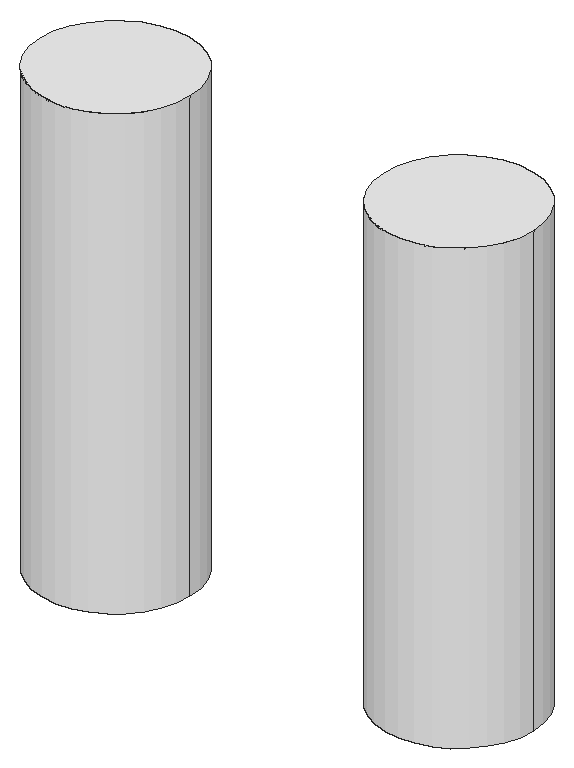
Revit family "514822930006(2022)", category Plumbing Fixtures, Revit 2020
Family settings
  Round Connector Dimension = Use Diameter
  Part Type = Normal
  OmniClass Number = 23.45.55.00
  OmniClass Title = Sanitary Faucets, Wastes
  Work Plane-Based = No
  Always vertical = Yes
  Cut with Voids When Loaded = No
  Shared = No
  Room Calculation Point = No
Parameters (values of type "5148229300066 Kitchen faucet")
  Working Pressure = "50 - 1000 kPa"
  WarrantyStartDate [instance] = "n/a"
  WarrantyGuarantorParts = "n/a"
  WarrantyGuarantorLabor = "n/a"
  WarrantyDurationUnit = "Year"
  WarrantyDurationParts = "n/a"
  WarrantyDurationLabor = "n/a"
  WarrantyDescription = "http://warranty.hansa.com"
  Warranty Information URL = "http://warranty.hansa.com"
  VersionDate = "01/06/2023"
  Version = "1"
  ValvePattern = "n/a"
  ValveOperation = "n/a"
  ValveMechanism = "n/a"
  Uniclass2015Reference = "Pr_40_20_87_96"
  Uniclass2015Description = "Washbasin manual water supply sets"
  Uniclass2 = "Pr_40_30_96_96"
  URL UWL = "http://static.hansa.com/UWL/5148229300066"
  URL REACH = "http://static.hansa.com/doc/reach"
  URL Materials Declaration = "http://www.hansa.com/fileadmin/resources/166359_5148229300066_materialsdeclaration.pdf"
  URL Environmental Product Declaration EPD = "http://www.hansa.com/fileadmin/resources/184519_EPD_Kitchen faucet.pdf"
  URL EcoLabel Declaration = "http://static.hansa.com/doc/EcoLabel"
  URL EU Packaging Declaration = "http://static.hansa.com/doc/packaging"
  URL Declaration of SCIP = "http://static.hansa.com/doc/SCIP"
  URL Declaration of Conformity = "http://static.hansa.com/DoC/5148229300066"
  URL Declaration of Asbestos = "http://static.hansa.com/doc/asbestos"
  URL Declaration Of Performance (DOP) = "http://static.hansa.com/doc/DoP"
  URL = ""
  UNSPSC Class Number = "30181700 Faucets or taps"
  TestPressure = "n/a"
  Temperature Adjustments = "Limitation option for maximum temperature and flow-rate ;Adjustable hot water stop (included, retrofittable);Energy saving variation - cold water in the middle position"
  Temperature = "Temperature limiter"
  Technical DataSheet URL = "http://www.hansa.com/datasheet/5148229300066/en"
  TagNumber [instance] = "n/a"
  SustainabilityPerformance = "n/a"
  Surface treatment = "Chrome"
  Spout Type = "Swivel spout;Swivel range limiting option"
  Spout Swivel Range = "120° (80° / 40°)"
  Spout Projection = "215 mm"
  Spare-Part Information URL = "http://static.hansa.com/sp/5148229300066"
  Size = "51x255x168 mm"
  Shape = "Sculptured"
  SerialNumber [instance] = "n/a"
  Sales Package dimensions (LxWxH) = "362 x 278 x 63"
  Revision = "n/a"
  ReplacementCost = "n/a"
  ProductInformation = "Kitchen faucet with swivel spout and aerator"
  Product URL = "http://static.hansa.com/5148229300066"
  Product Image URL = "http://static.hansa.com/image/5148229300066"
  Product Family = "HANSAPOLO Eco"
  Product Code = "5148229300066"
  OperatingMechanismMaterial = "n/a"
  NominalWidth = 51 mm
  NominalHeight = 168 mm
  NominalDepth = 255 mm
  Noise Class = "I (ISO 3822)"
  Name_en = "5148229300066 Kitchen faucet"
  Name = "5148229300066 Kitchen faucet"
  NBSReference = "45-35-70/371"
  NBSDescription = "Water supply fittings for wash basins and troughs"
  Mounting Holes = "1 hole"
  ModelReference = "5148229300066"
  ModelNumber = "n/a"
  Model = "5148229300066 Kitchen faucet"
  Mobile Product Information URL = "http://mpi.hansa.com/5148229300066"
  Mechanical Parts = "ø 35 mm ceramic eco cartridge for flow and temperature control"
  Max. Hot Water Supply = 70 °C
  Material = "Brass"
  Market = "International;Germany;Austria;Belgium;Netherlands;Czech Republic;Slovakia;Italy"
  ManufacturerURL = "http://www.hansa.com"
  ManufacturerName = "HANSA"
  Manufacturer = "HANSA"
  Lever Handle = "Single operating lever/handle;Hot/Cold symbols"
  Interactive AR View URL = "https://static.hansa.com/AR/5148229300066"
  InstallationDate [instance] = "n/a"
  Installation and Maintenance Guide URL = "http://static.hansa.com/manual/5148229300066"
  Installation Type = "Deck mounted"
  InletConnectionSize = 10 mm
  IfcExportType = "FAUCET"  # constant formula
  IfcExportAs = "IfcValveType"  # constant formula
  Group = "Kitchen faucet"
  Grade = "n/a"
  FlowCoefficient = 0
  Flow Rate At 300kPa With Flow Controller = 0.01 L/s
  Flow Rate At 300kPa = 0.01 L/s
  Flow Drawing URL = "http://static.hansa.com/flowchart/5148229300066"
  Finish = "Polished"
  Features = "Single-lever;"
  FaucetMainMaterial = Brass
  FDV Document URL = "http://www.hansa.com/datasheet/5148229300066/en/fdv"
  ExpectedLife = "n/a"
  Eco Flow At 300kPa = 0.66 L/s
  ETIM Class Number = "EC011431 Kitchen mixing tap"
  EN Standard = "EN 817"
  EAN Number = "4057304018428"
  DurationUnit = "Year"
  Dimension Drawing URL = "http://static.hansa.com/dimdrw/5148229300066"
  Description = "Kitchen faucet with swivel spout and aerator"
  DefaultElevation [instance] = 900 mm
  Default Elevation = 0 mm
  Constituents = "Single lever, swivel spout, aerator, temperature limiter"
  Connection Size = "G3/8"
  Connection = "Flexible inlet pipes"
  Color = "Chrome"
  CodePerformance = "n/a"
  CloseOffRating = 0
  Catalog Drawing URL = "http://static.hansa.com/catdrw/5148229300066"
  CO2 Emissions (D) = -6.16
  CO2 Emissions (C4) = 0.33
  CO2 Emissions (C3) = 0.02
  CO2 Emissions (C2) = 0.02
  CO2 Emissions (B7) = 1560.24
  CO2 Emissions (A4) = 0.22
  CO2 Emissions (A1-A3) = 10.89
  Brand = "HANSA"
  BodyMaterial = "Brass"
  Barcode [instance] = "n/a"
  Backflow Prevention EN1717 = "AA"
  BIMObjectName = "5148229300066(2022)"
  Author = "BIMStone"
  AssetType = "Fixed"
  AssetIdentifier [instance] = "n/a"
  Aerator = "Standard aerator"
  Advanced Features = "Inner body made of DZR brass"
  AccessibilityPerformance = "n/a"
  3D View = "https://static.hansa.com/AR/5148229300066"
  2D/3D/BIM Files URL = "http://static.hansa.com/bim/5148229300066"
Reference planes
  plane 1 "Center (Front/Back)": y = 0
  plane 2: z = 0
  plane 3 "Center (Left/Right)": x = 0
  plane 4: x = -25.5
  plane 5: z = 1068
  plane 6: z = 900
  plane 7: z = 870
  plane 8: y = -255
  plane 9: x = 25.5
Forms (mm)
  Extrusion 1, solid, material "Brass" <- "FaucetMainMaterial"
    sketch origin (0, 0, 0) x (1, 0, 0) y (0, 1, 0)
      loop
        circle (-11.5, -22.5) r 5
      loop
        circle (11.5, -22.5) r 5
    from 870 to 900
Dimensions and locks
  "NominalHeight": plane 5 to plane 6
  "DefaultElevation": plane 6 to level
  locked: plane 6 to plane 7 at 30
  "NominalDepth": plane 8 to plane 1 "Center (Front/Back)"
  equal spacing: plane 4, plane 3 "Center (Left/Right)", plane 9
  "NominalWidth": plane 4 to plane 9
  "InletConnectionSize": diameter of Extrusion 1 sketch curve  (x2)
  aligned and locked: level to plane 2
  aligned and locked: plane 6 to Extrusion 1
  aligned and locked: Extrusion 1 to plane 7
  aligned and locked: plane 3 "Center (Left/Right)" to nested 2
  aligned and locked: plane 1 "Center (Front/Back)" to nested 2
  aligned and locked: plane 6 to nested 2
Automatic sketch dimensions
  Extrusion 1 sketch curve to plane 3 "Center (Left/Right)" = 11.5 mm
  plane 3 "Center (Left/Right)" to Extrusion 1 sketch curve = 11.5 mm
  plane 1 "Center (Front/Back)" to Extrusion 1 sketch curve = 22.5 mm  (x2)
Nested families
  nested 1: "Symbol" at (0, 0, 0), type "Symbol", detail levels coarse
  nested 2: "514822930006(2022)_p" at (0, 0, 900), Material <- "FaucetMainMaterial", type "514822930006(2022)_p"
    with Material Brass
Connectors
  piping at (-11.5, -22.5, 870), diameter 10, driven by "InletConnectionSize"
    settings: on Extrusion 1, index 1, connector inside diameter 609.6 mm, connector length 0 mm, flow factor 0, pipe flow 0.0 L/s, pressure drop 0.0 Pa, fitting loss kfactor 0, connector angle 0.00°, fixture units 0, engagement length 0 mm, angle of deflection 0.00°, flow configuration 1, flow direction 1, fitting loss method 0, system type 19, joint type 0, gender type 0, connector reference index -1, connector utility 0, adjustable connector no, is connector primary yes, connector description ""
  piping at (11.5, -22.5, 870), diameter 10, driven by "InletConnectionSize"
    settings: on Extrusion 1, index 2, connector inside diameter 609.6 mm, connector length 0 mm, flow factor 0, pipe flow 0.0 L/s, pressure drop 0.0 Pa, fitting loss kfactor 0, connector angle 0.00°, fixture units 0, engagement length 0 mm, angle of deflection 0.00°, flow configuration 1, flow direction 1, fitting loss method 0, system type 20, joint type 0, gender type 0, connector reference index -1, connector utility 0, adjustable connector no, is connector primary no, connector description ""
Definition of nested family "Symbol"
  Reference planes
    plane 1: y = 0
    plane 2: x = 0
  Lines and regions (mm)
    detail lines
      curve 1: line (0, 0, 0) -> (0, -1.8, 0)
      curve 2: line (-0.4, -1.1, 0) -> (0.4, -1.1, 0)
      curve 3: line (-0.4, -1.4, 0) -> (0.4, -1.4, 0)
      curve 4: line (0.863, 0, 0) -> (-0.863, 0, 0)
      curve 5: circle (-1.163, 0, 0) r 0.3 normal (0, 0, -1)
      curve 6: circle (1.163, 0, 0) r 0.3 normal (0, 0, 1)
Definition of nested family "514822930006(2022)_p"
  Parameters (values of type "514822930006(2022)_p")
    Material [instance] = none
    Default Elevation = 0 mm
  Reference planes
    plane 1 "Center (Front/Back)": y = 0
    plane 2: z = 0
    plane 3 "Center (Left/Right)": x = 0
    plane 4: x = -25.5
    plane 5: z = 168
    plane 6: z = 0
    plane 7: y = -255
    plane 8: x = 25.5
  Forms (mm)
    Extrusion 1, solid, material <- "Material", detail levels medium
      sketch origin (0, 0, -900) x (0, 1, 0) y (0, 0, 1)
        loop
          line (0, 900) -> (0, 1058.08) -> (-61.322, 1065.36) -> (-111.697, 1068)
          arc (-111.697, 1068) -> (-112.791, 1067.626) -> (-113.167, 1066.532) r 1.316
          line (-113.167, 1066.532) -> (-112.909, 1064.448)
          arc (-112.909, 1064.448) -> (-111.629, 1061.855) -> (-109.013, 1060.622) r 4.388
          line (-109.013, 1060.622) -> (-51, 1054.525) -> (-51, 993.034)
          arc (-51, 993.034) -> (-52.761, 993.574) -> (-54.465, 994.275) r 19.937
          line (-54.465, 994.275) -> (-135.431, 1032.03)
          arc (-135.431, 1032.03) -> (-162.315, 1042.283) -> (-190.393, 1048.572) r 200
          line (-190.393, 1048.572) -> (-248.818, 1057.304)
          arc (-248.818, 1057.304) -> (-251.086, 1056.882) -> (-252.314, 1054.93) r 2.875
          line (-252.314, 1054.93) -> (-255, 1037.009) -> (-252.234, 1036.594) -> (-252.899, 1032.154) -> (-229.163, 1028.596) -> (-228.347, 1034.037) -> (-193.277, 1028.781)
          arc (-193.277, 1028.781) -> (-168.045, 1023.121) -> (-143.883, 1013.904) r 180
          line (-143.883, 1013.904) -> (-51, 970.592) -> (-51, 900) -> (0, 900)
      from 25.5 to -25.5
    Extrusion 2, solid, detail levels coarse
      sketch origin (0, 0, -900) x (1, 0, 0) y (0, 1, 0)
        loop
          line (-25.5, 0) -> (-25.5, -255) -> (25.5, -255) -> (25.5, 0) -> (-25.5, 0)
      from 900 to 1068
  Lines and regions (mm)
    symbolic lines, detail levels medium+fine
      curve 1: line (0, 0, 0) -> (0, -51, 0)
      curve 2: line (0, -51, 0) -> (0, -51, 47.5)
      curve 3: line (0, -50.702, 70.453) -> (0, -143.883, 113.904)
      curve 4: arc (0, -143.883, 113.904) -> (0, -168.045, 123.121) -> (0, -193.277, 128.781) r 180
      curve 5: line (0, -193.277, 128.781) -> (0, -225.171, 133.561)
      curve 6: line (0, -229.163, 128.596) -> (0, -228.497, 133.037)
      curve 7: line (0, -252.234, 136.594) -> (0, -252.899, 132.154)
      curve 8: line (0, -252.899, 132.154) -> (0, -229.163, 128.596)
      curve 10: line (0, -225.321, 132.561) -> (0, -225.171, 133.561)
      curve 11: line (0, -252.234, 136.594) -> (0, -255, 137.009)
      curve 12: line (0, -255, 137.009) -> (0, -252.314, 154.93)
      curve 13: arc (0, -252.314, 154.93) -> (0, -251.086, 156.882) -> (0, -248.818, 157.304) r 2.875
      curve 14: line (0, -248.818, 157.304) -> (0, -190.393, 148.572)
      curve 15: arc (0, -190.393, 148.572) -> (0, -162.315, 142.283) -> (0, -135.431, 132.03) r 200
      curve 16: line (0, -135.431, 132.03) -> (0, -54.465, 94.275)
      curve 17: arc (0, -54.465, 94.275) -> (0, -52.475, 93.474) -> (0, -50.41, 92.892) r 19.937
      curve 18: line (0, -50.007, 123.96) -> (0, -50.41, 92.892)
      curve 19: line (0, -50.702, 70.453) -> (0, -51, 47.5)
      curve 20: line (0, 0, 0) -> (0, 0, 47.5)
      curve 21: line (0, -0.993, 123.96) -> (0, 0, 47.5)
      curve 23: line (0, -228.497, 133.037) -> (0, -225.321, 132.561)
      curve 24: line (0, -0.993, 123.96) -> (0, -2.721, 123.96)
      curve 25: line (0, -49.846, 126.8) -> (0, -48.006, 126.8)
      curve 27: line (0, -48.304, 123.96) -> (0, -48.006, 126.8)
      curve 28: arc (0, -6.504, 135.604) -> (0, -3.769, 130.056) -> (0, -2.721, 123.96) r 21.584
      curve 29: line (0, -49.846, 126.8) -> (0, -48.267, 149.382)
      curve 30: arc (0, -48.267, 149.382) -> (0, -49.483, 153.016) -> (0, -52.912, 154.725) r 5.006
      curve 31: line (0, -52.912, 154.725) -> (0, -109.013, 160.622)
      curve 32: arc (0, -109.013, 160.622) -> (0, -111.629, 161.855) -> (0, -112.909, 164.448) r 4.388
      curve 33: line (0, -112.909, 164.448) -> (0, -113.167, 166.532)
      curve 34: arc (0, -113.167, 166.532) -> (0, -112.791, 167.626) -> (0, -111.697, 168) r 1.316
      curve 35: line (0, -111.697, 168) -> (0, -61.322, 165.36)
      curve 36: line (0, -61.322, 165.36) -> (0, -4.446, 158.607)
      curve 37: arc (0, -4.446, 158.607) -> (0, -3.316, 157.974) -> (0, -2.965, 156.728) r 1.691
      curve 38: line (0, -2.965, 156.728) -> (0, -1.647, 137.869)
      curve 39: line (0, -6.504, 135.604) -> (0, -1.647, 137.869)
      curve 41: line (0, -48.304, 123.96) -> (0, -50.007, 123.96)
      curve 43: line (25.5, 0, 0) -> (-25.5, 0, 0)
      curve 44: line (-25.5, 0, 0) -> (-25.5, 0, 47.56)
      curve 45: line (-25.5, 0, 47.56) -> (-24.495, 0, 123.96)
      curve 46: line (-24.362, 0, 126.797) -> (-22.506, 0, 126.797)
      curve 47: line (-24.495, 0, 123.96) -> (-22.754, 0, 123.96)
      curve 48: line (-24.362, 0, 126.797) -> (-21.794, 0, 158.814)
      curve 49: arc (-21.794, 0, 158.814) -> (-21.406, 0, 159.899) -> (-20.524, 0, 160.641) r 2.211
      curve 50: arc (-20.524, 0, 160.641) -> (-18.448, 0, 161.525) -> (-16.319, 0, 162.269) r 33.994
      curve 51: arc (-16.319, 0, 162.269) -> (-15.779, 0, 162.579) -> (-15.419, 0, 163.089) r 1.442
      curve 52: arc (-15.419, 0, 163.089) -> (-13.815, 0, 165.638) -> (-11.468, 0, 167.527) r 9.139
      curve 53: arc (-11.468, 0, 167.527) -> (-10.657, 0, 167.864) -> (-9.789, 0, 168) r 3.707
      curve 54: line (-9.789, 0, 168) -> (0, 0, 168)
      curve 55: line (-22.506, 0, 126.797) -> (-22.754, 0, 123.96)
      curve 59: line (25.5, 0, 0) -> (25.5, 0, 47.56)
      curve 60: line (25.5, 0, 47.56) -> (24.495, 0, 123.96)
      curve 61: line (24.362, 0, 126.797) -> (22.506, 0, 126.797)
      curve 62: line (24.495, 0, 123.96) -> (22.754, 0, 123.96)
      curve 63: line (24.362, 0, 126.797) -> (21.794, 0, 158.814)
      curve 64: arc (21.794, 0, 158.814) -> (21.406, 0, 159.899) -> (20.524, 0, 160.641) r 2.211
      curve 65: arc (20.524, 0, 160.641) -> (18.448, 0, 161.525) -> (16.319, 0, 162.269) r 33.994
      curve 66: arc (16.319, 0, 162.269) -> (15.779, 0, 162.579) -> (15.419, 0, 163.089) r 1.442
      curve 67: arc (15.419, 0, 163.089) -> (13.815, 0, 165.638) -> (11.468, 0, 167.527) r 9.139
      curve 68: arc (11.468, 0, 167.527) -> (10.657, 0, 167.864) -> (9.789, 0, 168) r 3.707
      curve 69: line (9.789, 0, 168) -> (0, 0, 168)
      curve 70: line (22.506, 0, 126.797) -> (22.754, 0, 123.96)
      curve 83: line (-15, -239.534, 0) -> (-15, -59.645, 0)
      curve 84: line (15, -239.534, 0) -> (15, -59.645, 0)
      curve 85: spline (-15, -239.534, 0) -> (-14.489, -243.537, 0) -> (-12.99, -247.267, 0) -> (-10.607, -250.47, 0) -> (-7.5, -252.928, 0) -> (-3.882, -254.473, 0) -> (0, -255, 0) -> (3.882, -254.473, 0) -> (7.5, -252.928, 0) -> (10.607, -250.47, 0) -> (12.99, -247.267, 0) -> (14.489, -243.537, 0) -> (15, -239.534, 0)
      curve 91: arc (-15.824, -46.935, 0) -> (-15.892, -46.144, 0) -> (-15.994, -45.357, 0) r 18.815
      curve 95: arc (15.832, -46.938, 0) -> (15.9, -46.152, 0) -> (16.001, -45.369, 0) r 18.811
      curve 96: line (-15, -59.645, 0) -> (-15.824, -46.935, 0)
      curve 97: line (15, -59.645, 0) -> (15.832, -46.938, 0)
      curve 98: arc (16.001, -45.369, 0) -> (0.021, -0.018, 0) -> (-15.994, -45.357, 0) r 25.494
    symbolic lines, detail levels fine
      curve 9: line (0, -252.234, 136.594) -> (0, -228.497, 133.037)
      curve 22: line (0, 0, 47.5) -> (0, -51, 47.5)
      curve 26: line (0, -25.383, 126.8) -> (0, -6.504, 135.604)
      curve 40: line (0, -48.006, 126.8) -> (0, -25.383, 126.8)
      curve 42: line (0, -2.721, 123.96) -> (0, -48.304, 123.96)
      curve 56: line (-15, 0, 70.474) -> (-15, 0, 154.085)
      curve 57: line (-22.506, 0, 126.797) -> (-15, 0, 126.797)
      curve 58: line (-22.754, 0, 123.96) -> (-15, 0, 123.96)
      curve 71: line (22.506, 0, 126.797) -> (15, 0, 126.797)
      curve 72: line (22.754, 0, 123.96) -> (15, 0, 123.96)
      curve 73: line (-25.5, 0, 47.56) -> (25.5, 0, 47.56)
      curve 74: spline (-15, 0, 154.085) -> (-14.489, 0, 154.949) -> (-12.99, 0, 155.755) -> (-10.607, 0, 156.447) -> (-7.5, 0, 156.978) -> (-3.882, 0, 157.312) -> (0, 0, 157.426) -> (3.882, 0, 157.312) -> (7.5, 0, 156.978) -> (10.607, 0, 156.447) -> (12.99, 0, 155.755) -> (14.489, 0, 154.949) -> (15, 0, 154.085)
      curve 75: arc (-13.012, 0, 68.978) -> (-14.379, 0, 69.231) -> (-15, 0, 70.474) r 1.557
      curve 76: arc (13.012, 0, 68.978) -> (14.379, 0, 69.231) -> (15, 0, 70.474) r 1.557
      curve 77: arc (-13.012, 0, 68.978) -> (0, 0, 70.816) -> (13.012, 0, 68.978) r 47.003
      curve 78: spline (11.961, 0, 130.3) -> (11.554, 0, 129.845) -> (10.359, 0, 129.421) -> (8.458, 0, 129.058) -> (5.981, 0, 128.778) -> (3.096, 0, 128.603) -> (0, 0, 128.543) -> (-3.096, 0, 128.603) -> (-5.981, 0, 128.778) -> (-8.458, 0, 129.058) -> (-10.359, 0, 129.421) -> (-11.554, 0, 129.845) -> (-11.961, 0, 130.3) -> (-11.554, 0, 130.754) -> (-10.359, 0, 131.178) -> (-8.458, 0, 131.542) -> (-5.981, 0, 131.821) -> (-3.096, 0, 131.997) -> (0, 0, 132.056) -> (3.096, 0, 131.997) -> (5.981, 0, 131.821) -> (8.458, 0, 131.542) -> (10.359, 0, 131.178) -> (11.554, 0, 130.754) -> (11.961, 0, 130.3)
      curve 79: spline (-11.961, 0, 134.779) -> (-11.554, 0, 135.234) -> (-10.359, 0, 135.658) -> (-8.458, 0, 136.021) -> (-5.981, 0, 136.301) -> (-3.096, 0, 136.476) -> (0, 0, 136.536) -> (3.096, 0, 136.476) -> (5.981, 0, 136.301) -> (8.458, 0, 136.021) -> (10.359, 0, 135.658) -> (11.554, 0, 135.234) -> (11.961, 0, 134.779)
      curve 80: line (-11.961, 0, 130.3) -> (-11.961, 0, 134.779)
      curve 81: line (11.961, 0, 134.779) -> (11.961, 0, 130.3)
      curve 82: spline (11.961, 0, 133.769) -> (14.424, 0, 134.526) -> (14.937, 0, 135.369) -> (13.431, 0, 136.183) -> (10.109, 0, 136.859) -> (5.421, 0, 137.304) -> (0, 0, 137.46) -> (-5.421, 0, 137.304) -> (-10.109, 0, 136.859) -> (-13.431, 0, 136.183) -> (-14.937, 0, 135.369) -> (-14.424, 0, 134.526) -> (-11.961, 0, 133.769)
      curve 86: spline (-15, -239.534, 0) -> (-14.489, -242.782, 0) -> (-12.99, -245.808, 0) -> (-10.607, -248.407, 0) -> (-7.5, -250.401, 0) -> (-3.882, -251.655, 0) -> (0, -252.082, 0) -> (3.882, -251.655, 0) -> (7.5, -250.401, 0) -> (10.607, -248.407, 0) -> (12.99, -245.808, 0) -> (14.489, -242.782, 0) -> (15, -239.534, 0)
      curve 87: arc (19.099, -37.489, 0) -> (0, -2.95, 0) -> (-19.099, -37.489, 0) r 22.55
      curve 88: line (0, -113.165, 0) -> (-6.461, -113.165, 0)
      curve 89: arc (-6.461, -113.165, 0) -> (-10.086, -111.77, 0) -> (-11.84, -108.304, 0) r 5.407
      curve 90: line (-11.84, -108.304, 0) -> (-15, -59.645, 0)
      curve 92: line (0, -113.165, 0) -> (6.461, -113.165, 0)
      curve 93: arc (6.461, -113.165, 0) -> (10.086, -111.77, 0) -> (11.84, -108.304, 0) r 5.407
      curve 94: line (11.84, -108.304, 0) -> (15, -59.645, 0)
      curve 99: arc (-19.099, -37.489, 0) -> (-17.182, -41.279, 0) -> (-15.994, -45.357, 0) r 23.03
      curve 100: arc (19.099, -37.489, 0) -> (17.182, -41.279, 0) -> (15.994, -45.357, 0) r 23.03
      curve 101: line (15, 0, 70.474) -> (15, 0, 154.085)
      curve 102: line (-15.779, 0, 162.579) -> (-15.779, 0, 158.287)
      curve 103: arc (-15.779, 0, 158.287) -> (-15.347, 0, 156.539) -> (-14.151, 0, 155.193) r 3.756
      curve 104: line (15.779, 0, 162.579) -> (15.779, 0, 158.287)
      curve 105: arc (15.779, 0, 158.287) -> (15.347, 0, 156.539) -> (14.151, 0, 155.193) r 3.756
  Dimensions and locks
    aligned and locked: level to plane 2
    aligned and locked: plane 6 to import instance
    aligned and locked: plane 5 to Extrusion 2
    aligned and locked: Extrusion 2 to plane 6
